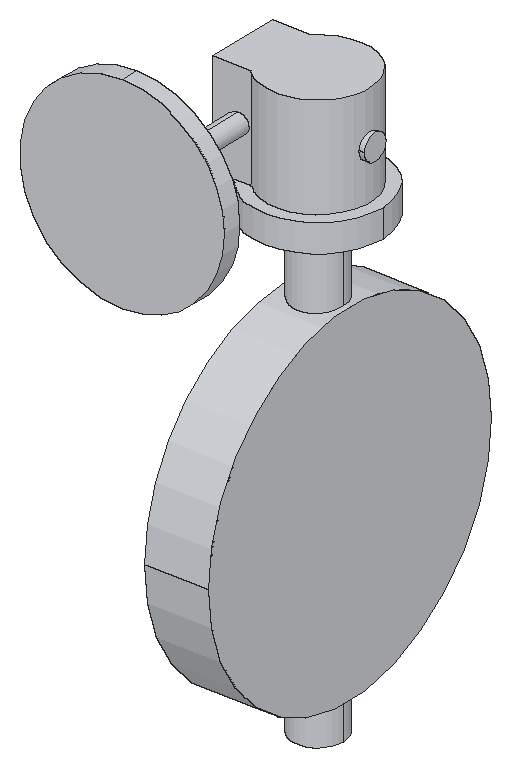
Revit family "HS497-67_disk-litina-převodové kolo DN350-RFA_2018", category Pipe Accessories, Revit 2018
Family settings
  Round Connector Dimension = Use Diameter
  Part Type = Valve - Breaks Into
  Work Plane-Based = No
  Always vertical = Yes
  Cut with Voids When Loaded = No
  Shared = No
Parameters (values of type "HS 497-67_DN350_PN10_převodové kolo")
  magiProductId = "a5a01426cb28494ba3afca92f1dace"
  magiProductFamilyId = "53cea81e6f374d17b8841d9c72ad77"
  magiPartTypeId = 305
  isMeasuringValve [instance] = no
  ang2D [instance] = 0.00°
  X11 = 109.255 mm
  X1 = 45.255 mm
  W2D = 1000 mm
  VersionID = "2.0/2017.9.26.1/ZETKAMA_497_001"
  Use Minimum Symbol Size [instance] = yes
  URL = "http://www.hydronic.cz"
  Type Comments = "mezipřírubová; litinový disk; PN10; -10~+110°C (krátkodobě +120°C)"
  SW30 = yes
  SW3 = yes
  SW21 = no
  SW20 = no
  SW2 = no
  SW1 = no
  R = 175 mm
  QmdConnectorList = "301;D;302;D"
  Productdata [instance] = ""
  NC = 70 mm
  Model = ""
  Manufacturer = "Hydronic Systems Prague s.r.o."
  MM20 = 45.255 mm
  MC Product Code = "125 350 (litinový disk, s převodovým kolem; DN350; PN10, kvs10165)"
  M41 = 91.5 mm
  M4 = 61 mm
  LHL = 220 mm
  LHH3 = 2.45 mm
  LHH1 = 46.55 mm
  LH1 = 73.333 mm
  L4R__ve = -L4R  # -22.2 mm
  L4R = 22.2 mm
  L42__ve = -L42  # -166.5 mm
  L42 = 166.5 mm
  L41__ve = -L41  # -33.3 mm
  L41 = 33.3 mm
  L2D_Min = 3048 mm
  L2D = 216 mm
  L2 = 39 mm
  L1 = 62.4 mm
  L = 78 mm
  H = 31 mm
  G22 = 11.25 mm
  G2 = 22.5 mm
  G1 = 90 mm
  G = 160 mm
  F = 22 mm
  E44 = 62.5 mm
  E42 = 125 mm
  E4 = 250 mm
  E23 = 4.9 mm
  E22 = 19.6 mm
  E21 = 9.8 mm
  Description = "Mezipřírubová uzavírací klapka s převodovým kolem; litinový disk, DN350; PN10; kvs10165"
  DR2 = 175 mm
  DR = 430 mm
  DD1 = 31.25 mm
  DD = 25 mm
  D = 350 mm
  CAT0 = yes
  B2__ve = -B2  # -88 mm
  B2 = 88 mm
  A2 = 33.85 mm
  A1 = 129.65 mm
Types (43, lengths in mm): name | magiProductId | X11 | X1 | Type Comments | SW30 | SW3 | SW20 | SW2 | SW1 | R | NC | MM20 | MC Product Code | M41 | M4 | LHL | LHH3 | LHH1 | LH1 | L4R__ve | L4R | L42__ve | L42 | L41__ve | L41 | L2 | L1 | L | H | G | F | E44 | E42 | E4 | E23 | E22 | E21 | Description | DR2 | DR | DD1 | DD | D | B2__ve | B2 | A2 | A1
  HS 497-67_DN100_PN16_volné vřeteno | "65d1b245f4f142c78569c0602d5754" | 61.456 | 25.456 | "mezipřírubová; litinový disk; PN16; -10~+110°C (krátkodobě +120°C)" | no | no | no | no | yes | 50 | 50 | 25.456 | "123 100 (litinový disk, s volným vřetenem; DN100; PN16, kvs512)" | 66 | 44 | 220 | 2.45 | 46.55 | 73.333 | -12.8 | 12.8 | -96 | 96 | -19.2 | 19.2 | 26 | 41.6 | 52 | 30 | 90 | 11 | 31.25 | 62.5 | 125 | 4.9 | 19.6 | 9.8 | "Mezipřírubová uzavírací klapka s volným vřetenem; litinový disk, DN100; PN16; kvs512" | 50 | 147 | 15.625 | 12.5 | 100 | -56 | 56 | 16.5 | 98.5
  HS 497-67_DN100_PN16_převodové kolo | "11e91b807e674d428c8e796fcdcfe2" | 61.456 | 25.456 | "mezipřírubová; litinový disk; PN16; -10~+110°C (krátkodobě +120°C)" | yes | yes | no | no | no | 50 | 50 | 25.456 | "125 100 (litinový disk, s převodovým kolem; DN100; PN16, kvs512)" | 65.25 | 43.5 | 220 | 2.45 | 46.55 | 73.333 | -12.8 | 12.8 | -96 | 96 | -19.2 | 19.2 | 26 | 41.6 | 52 | 30 | 90 | 11 | 31.25 | 62.5 | 125 | 4.9 | 19.6 | 9.8 | "Mezipřírubová uzavírací klapka s převodovým kolem; litinový disk, DN100; PN16; kvs512" | 50 | 147 | 15.625 | 12.5 | 100 | -56 | 56 | 16.5 | 98.5
  HS 497-67_DN100_PN16_s pákou | "28172f0b3f4b47b28323ac71cf8749" | 61.456 | 25.456 | "mezipřírubová; litinový disk; PN16; -10~+110°C (krátkodobě +120°C)" | no | no | yes | yes | no | 50 | 50 | 25.456 | "120 100 (litinový disk, s pákou; DN100; PN16, kvs512)" | 66 | 44 | 260 | 3 | 57 | 86.667 | -12.8 | 12.8 | -96 | 96 | -19.2 | 19.2 | 26 | 41.6 | 52 | 30 | 90 | 11 | 31.25 | 62.5 | 125 | 6 | 24 | 12 | "Mezipřírubová uzavírací klapka s pákou; litinový disk, DN100; PN16; kvs512" | 50 | 147 | 15.625 | 12.5 | 100 | -56 | 56 | 16.5 | 98.5
  HS 497-67_DN125_PN16_volné vřeteno | "0d813d910fc14f628bb3c2efbd185c" | 61.456 | 25.456 | "mezipřírubová; litinový disk; PN16; -10~+110°C (krátkodobě +120°C)" | no | no | no | no | yes | 62.5 | 50 | 25.456 | "123 125 (litinový disk, s volným vřetenem; DN125; PN16, kvs872)" | 66 | 44 | 220 | 2.45 | 46.55 | 73.333 | -12.8 | 12.8 | -96 | 96 | -19.2 | 19.2 | 28 | 44.8 | 56 | 33 | 90 | 14 | 31.25 | 62.5 | 125 | 4.9 | 19.6 | 9.8 | "Mezipřírubová uzavírací klapka s volným vřetenem; litinový disk, DN125; PN16; kvs872" | 62.5 | 180 | 15.625 | 12.5 | 125 | -64 | 64 | 18 | 99.5
  HS 497-67_DN125_PN16_převodové kolo | "c56b7c13f372467684996fb1e0e229" | 61.456 | 25.456 | "mezipřírubová; litinový disk; PN16; -10~+110°C (krátkodobě +120°C)" | yes | yes | no | no | no | 62.5 | 50 | 25.456 | "125 125 (litinový disk, s převodovým kolem; DN125; PN16, kvs872)" | 65.25 | 43.5 | 220 | 2.45 | 46.55 | 73.333 | -13.5 | 13.5 | -101.25 | 101.25 | -20.25 | 20.25 | 28 | 44.8 | 56 | 33 | 90 | 14 | 40 | 80 | 160 | 4.9 | 19.6 | 9.8 | "Mezipřírubová uzavírací klapka s převodovým kolem; litinový disk, DN125; PN16; kvs872" | 62.5 | 180 | 20 | 16 | 125 | -64 | 64 | 18 | 99.5
  HS 497-67_DN125_PN16_s pákou | "105993c79a91492399feef7931321a" | 61.456 | 25.456 | "mezipřírubová; litinový disk; PN16; -10~+110°C (krátkodobě +120°C)" | no | no | yes | yes | no | 62.5 | 50 | 25.456 | "120 125 (litinový disk, s pákou; DN125; PN16, kvs872)" | 66 | 44 | 315 | 3.75 | 71.25 | 105 | -12.8 | 12.8 | -96 | 96 | -19.2 | 19.2 | 28 | 44.8 | 56 | 33 | 90 | 14 | 31.25 | 62.5 | 125 | 7.5 | 30 | 15 | "Mezipřírubová uzavírací klapka s pákou; litinový disk, DN125; PN16; kvs872" | 62.5 | 180 | 15.625 | 12.5 | 125 | -64 | 64 | 18 | 99.5
  HS 497-67_DN150_PN16_volné vřeteno | "50c80cb8ab434f55ab7796e5ac1331" | 61.456 | 25.456 | "mezipřírubová; litinový disk; PN16; -10~+110°C (krátkodobě +120°C)" | no | no | no | no | yes | 75 | 50 | 25.456 | "123 150 (litinový disk, s volným vřetenem; DN150; PN16, kvs1347)" | 66 | 44 | 220 | 2.45 | 46.55 | 73.333 | -12.8 | 12.8 | -96 | 96 | -19.2 | 19.2 | 28 | 44.8 | 56 | 33 | 90 | 14 | 31.25 | 62.5 | 125 | 4.9 | 19.6 | 9.8 | "Mezipřírubová uzavírací klapka s volným vřetenem; litinový disk, DN150; PN16; kvs1347" | 75 | 206 | 15.625 | 12.5 | 150 | -58 | 58 | 19.3 | 98.7
  HS 497-67_DN150_PN16_převodové kolo | "d94a1a0cf83b476eb10011b327f709" | 61.456 | 25.456 | "mezipřírubová; litinový disk; PN16; -10~+110°C (krátkodobě +120°C)" | yes | yes | no | no | no | 75 | 50 | 25.456 | "125 150 (litinový disk, s převodovým kolem; DN150; PN16, kvs1347)" | 65.25 | 43.5 | 220 | 2.45 | 46.55 | 73.333 | -13.5 | 13.5 | -101.25 | 101.25 | -20.25 | 20.25 | 28 | 44.8 | 56 | 33 | 90 | 14 | 40 | 80 | 160 | 4.9 | 19.6 | 9.8 | "Mezipřírubová uzavírací klapka s převodovým kolem; litinový disk, DN150; PN16; kvs1347" | 75 | 206 | 20 | 16 | 150 | -58 | 58 | 19.3 | 98.7
  HS 497-67_DN150_PN16_s pákou | "4d2835523fe84828bc50ff0a5a0dfb" | 61.456 | 25.456 | "mezipřírubová; litinový disk; PN16; -10~+110°C (krátkodobě +120°C)" | no | no | yes | yes | no | 75 | 50 | 25.456 | "120 150 (litinový disk, s pákou; DN150; PN16, kvs1347)" | 66 | 44 | 315 | 3.75 | 71.25 | 105 | -12.8 | 12.8 | -96 | 96 | -19.2 | 19.2 | 28 | 44.8 | 56 | 33 | 90 | 14 | 31.25 | 62.5 | 125 | 7.5 | 30 | 15 | "Mezipřírubová uzavírací klapka s pákou; litinový disk, DN150; PN16; kvs1347" | 75 | 206 | 15.625 | 12.5 | 150 | -58 | 58 | 19.3 | 98.7
  HS 497-67_DN200_PN16_volné vřeteno | "5b29029eaeba47139ee1055a4b9201" | 61.456 | 25.456 | "mezipřírubová; litinový disk; PN16; -10~+110°C (krátkodobě +120°C)" | no | no | no | no | yes | 100 | 50 | 25.456 | "123 200 (litinový disk, s volným vřetenem; DN200; PN16, kvs2675)" | 66 | 44 | 220 | 2.45 | 46.55 | 73.333 | -12.8 | 12.8 | -96 | 96 | -19.2 | 19.2 | 30 | 48 | 60 | 33 | 90 | 17 | 31.25 | 62.5 | 125 | 4.9 | 19.6 | 9.8 | "Mezipřírubová uzavírací klapka s volným vřetenem; litinový disk, DN200; PN16; kvs2675" | 100 | 257 | 15.625 | 12.5 | 200 | -70 | 70 | 22.5 | 102.5
  HS 497-67_DN200_PN16_převodové kolo | "b2793cc1fcc44cf2a35062cd67c04f" | 61.456 | 25.456 | "mezipřírubová; litinový disk; PN16; -10~+110°C (krátkodobě +120°C)" | yes | yes | no | no | no | 100 | 57 | 25.456 | "125 200 (litinový disk, s převodovým kolem; DN200; PN16, kvs2675)" | 78.75 | 52.5 | 220 | 2.45 | 46.55 | 73.333 | -15.2 | 15.2 | -114 | 114 | -22.8 | 22.8 | 30 | 48 | 60 | 33 | 90 | 17 | 50 | 100 | 200 | 4.9 | 19.6 | 9.8 | "Mezipřírubová uzavírací klapka s převodovým kolem; litinový disk, DN200; PN16; kvs2675" | 100 | 257 | 25 | 20 | 200 | -70 | 70 | 22.5 | 102.5
  HS 497-67_DN200_PN16_s pákou | "f88d96c7af224537a51e72d7d8fffe" | 61.456 | 25.456 | "mezipřírubová; litinový disk; PN16; -10~+110°C (krátkodobě +120°C)" | no | no | yes | yes | no | 100 | 50 | 25.456 | "120 200 (litinový disk, s pákou; DN200; PN16, kvs2675)" | 66 | 44 | 315 | 3.75 | 71.25 | 105 | -12.8 | 12.8 | -96 | 96 | -19.2 | 19.2 | 30 | 48 | 60 | 33 | 90 | 17 | 31.25 | 62.5 | 125 | 7.5 | 30 | 15 | "Mezipřírubová uzavírací klapka s pákou; litinový disk, DN200; PN16; kvs2675" | 100 | 257 | 15.625 | 12.5 | 200 | -70 | 70 | 22.5 | 102.5
  HS 497-67_DN250_PN16_volné vřeteno | "b662e8305ca2402b9c510e66e6aa55" | 88.77 | 36.77 | "mezipřírubová; litinový disk; PN16; -10~+110°C (krátkodobě +120°C)" | no | no | no | no | yes | 125 | 50 | 36.77 | "123 250 (litinový disk, s volným vřetenem; DN250; PN16, kvs4555)" | 66 | 44 | 220 | 2.45 | 46.55 | 73.333 | -12.8 | 12.8 | -96 | 96 | -19.2 | 19.2 | 34 | 54.4 | 68 | 23 | 130 | 22 | 31.25 | 62.5 | 125 | 4.9 | 19.6 | 9.8 | "Mezipřírubová uzavírací klapka s volným vřetenem; litinový disk, DN250; PN16; kvs4555" | 125 | 324 | 15.625 | 12.5 | 250 | -85 | 85 | 28.25 | 129.25
  HS 497-67_DN250_PN16_převodové kolo | "5ee9016806664ddfaa2632711f295c" | 88.77 | 36.77 | "mezipřírubová; litinový disk; PN16; -10~+110°C (krátkodobě +120°C)" | yes | yes | no | no | no | 125 | 70 | 36.77 | "125 250 (litinový disk, s převodovým kolem; DN250; PN16, kvs4555)" | 91.5 | 61 | 220 | 2.45 | 46.55 | 73.333 | -22.2 | 22.2 | -166.5 | 166.5 | -33.3 | 33.3 | 34 | 54.4 | 68 | 23 | 130 | 22 | 62.5 | 125 | 250 | 4.9 | 19.6 | 9.8 | "Mezipřírubová uzavírací klapka s převodovým kolem; litinový disk, DN250; PN16; kvs4555" | 125 | 324 | 31.25 | 25 | 250 | -85 | 85 | 28.25 | 129.25
  HS 497-67_DN300_PN16_volné vřeteno | "e1886f51ff004380a649519258edf2" | 88.77 | 36.77 | "mezipřírubová; litinový disk; PN16; -10~+110°C (krátkodobě +120°C)" | no | no | no | no | yes | 150 | 50 | 36.77 | "123 300 (litinový disk, s volným vřetenem; DN300; PN16, kvs7037)" | 66 | 44 | 220 | 2.45 | 46.55 | 73.333 | -12.8 | 12.8 | -96 | 96 | -19.2 | 19.2 | 39 | 62.4 | 78 | 23 | 130 | 22 | 31.25 | 62.5 | 125 | 4.9 | 19.6 | 9.8 | "Mezipřírubová uzavírací klapka s volným vřetenem; litinový disk, DN300; PN16; kvs7037" | 150 | 376 | 15.625 | 12.5 | 300 | -90 | 90 | 30.8 | 127.2
  HS 497-67_DN300_PN16_převodové kolo | "6860f094f77d42088fbebc3c97f755" | 88.77 | 36.77 | "mezipřírubová; litinový disk; PN16; -10~+110°C (krátkodobě +120°C)" | yes | yes | no | no | no | 150 | 70 | 36.77 | "125 300 (litinový disk, s převodovým kolem; DN300; PN16, kvs7037)" | 91.5 | 61 | 220 | 2.45 | 46.55 | 73.333 | -22.2 | 22.2 | -166.5 | 166.5 | -33.3 | 33.3 | 39 | 62.4 | 78 | 23 | 130 | 22 | 62.5 | 125 | 250 | 4.9 | 19.6 | 9.8 | "Mezipřírubová uzavírací klapka s převodovým kolem; litinový disk, DN300; PN16; kvs7037" | 150 | 376 | 31.25 | 25 | 300 | -90 | 90 | 30.8 | 127.2
  HS 497-67_DN032_PN16_volné vřeteno | "8c5f65de52aa4067a77564107e31b2" | 61.456 | 25.456 | "mezipřírubová; litinový disk; PN16; -10~+110°C (krátkodobě +120°C)" | no | no | no | no | yes | 16 | 50 | 25.456 | "123 032 (litinový disk, s volným vřetenem; DN32; PN16, kvs78)" | 66 | 44 | 220 | 2.45 | 46.55 | 73.333 | -12.8 | 12.8 | -96 | 96 | -19.2 | 19.2 | 16.5 | 26.4 | 33 | 30 | 90 | 11 | 31.25 | 62.5 | 125 | 4.9 | 19.6 | 9.8 | "Mezipřírubová uzavírací klapka s volným vřetenem; litinový disk, DN32; PN16; kvs78" | 16 | 68 | 15.625 | 12.5 | 32 | -44.2 | 44.2 | 10.25 | 76.25
  HS 497-67_DN032_PN16_převodové kolo | "60aaeffa8b3a4e809ef000e4660060" | 61.456 | 25.456 | "mezipřírubová; litinový disk; PN16; -10~+110°C (krátkodobě +120°C)" | yes | yes | no | no | no | 16 | 50 | 25.456 | "125 032 (litinový disk, s převodovým kolem; DN32; PN16, kvs78)" | 65.25 | 43.5 | 220 | 2.45 | 46.55 | 73.333 | -12.8 | 12.8 | -96 | 96 | -19.2 | 19.2 | 16.5 | 26.4 | 33 | 30 | 90 | 11 | 31.25 | 62.5 | 125 | 4.9 | 19.6 | 9.8 | "Mezipřírubová uzavírací klapka s převodovým kolem; litinový disk, DN32; PN16; kvs78" | 16 | 68 | 15.625 | 12.5 | 32 | -44.2 | 44.2 | 10.25 | 76.25
  HS 497-67_DN032_PN16_s pákou | "9ad8088d610749a1b871aa2aad8007" | 61.456 | 25.456 | "mezipřírubová; litinový disk; PN16; -10~+110°C (krátkodobě +120°C)" | no | no | yes | yes | no | 16 | 50 | 25.456 | "120 032 (litinový disk, s pákou; DN32; PN16, kvs78)" | 66 | 44 | 220 | 2.45 | 46.55 | 73.333 | -12.8 | 12.8 | -96 | 96 | -19.2 | 19.2 | 16.5 | 26.4 | 33 | 30 | 90 | 11 | 31.25 | 62.5 | 125 | 4.9 | 19.6 | 9.8 | "Mezipřírubová uzavírací klapka s pákou; litinový disk, DN32; PN16; kvs78" | 16 | 68 | 15.625 | 12.5 | 32 | -44.2 | 44.2 | 10.25 | 76.25
  HS 497-67_DN350_PN10_volné vřeteno | "72a1e05f22944421b7e9596a877137" | 109.255 | 45.255 | "mezipřírubová; litinový disk; PN10; -10~+110°C (krátkodobě +120°C)" | no | no | no | no | yes | 175 | 50 | 45.255 | "123 350 (litinový disk, s volným vřetenem; DN350; PN10, kvs10165)" | 66 | 44 | 220 | 2.45 | 46.55 | 73.333 | -12.8 | 12.8 | -96 | 96 | -19.2 | 19.2 | 39 | 62.4 | 78 | 31 | 160 | 22 | 31.25 | 62.5 | 125 | 4.9 | 19.6 | 9.8 | "Mezipřírubová uzavírací klapka s volným vřetenem; litinový disk, DN350; PN10; kvs10165" | 175 | 430 | 15.625 | 12.5 | 350 | -88 | 88 | 33.85 | 129.65
  HS 497-67_DN350_PN10_převodové kolo | "a5a01426cb28494ba3afca92f1dace" | 109.255 | 45.255 | "mezipřírubová; litinový disk; PN10; -10~+110°C (krátkodobě +120°C)" | yes | yes | no | no | no | 175 | 70 | 45.255 | "125 350 (litinový disk, s převodovým kolem; DN350; PN10, kvs10165)" | 91.5 | 61 | 220 | 2.45 | 46.55 | 73.333 | -22.2 | 22.2 | -166.5 | 166.5 | -33.3 | 33.3 | 39 | 62.4 | 78 | 31 | 160 | 22 | 62.5 | 125 | 250 | 4.9 | 19.6 | 9.8 | "Mezipřírubová uzavírací klapka s převodovým kolem; litinový disk, DN350; PN10; kvs10165" | 175 | 430 | 31.25 | 25 | 350 | -88 | 88 | 33.85 | 129.65
  HS 497-67_DN400_PN10_volné vřeteno | "c70ebeb927c04ab99b176e257ad0a7" | 109.255 | 45.255 | "mezipřírubová; litinový disk; PN10; -10~+110°C (krátkodobě +120°C)" | no | no | no | no | yes | 200 | 50 | 45.255 | "123 400 (litinový disk, s volným vřetenem; DN400; PN10, kvs13799)" | 66 | 44 | 220 | 2.45 | 46.55 | 73.333 | -12.8 | 12.8 | -96 | 96 | -19.2 | 19.2 | 51 | 81.6 | 102 | 31 | 160 | 27 | 31.25 | 62.5 | 125 | 4.9 | 19.6 | 9.8 | "Mezipřírubová uzavírací klapka s volným vřetenem; litinový disk, DN400; PN10; kvs13799" | 200 | 485 | 15.625 | 12.5 | 400 | -108 | 108 | 38 | 142
  HS 497-67_DN400_PN10_převodové kolo | "cc64a4384dcb41b780d81810f4f293" | 109.255 | 45.255 | "mezipřírubová; litinový disk; PN10; -10~+110°C (krátkodobě +120°C)" | yes | yes | no | no | no | 200 | 72.5 | 45.255 | "125 400 (litinový disk, s převodovým kolem; DN400; PN10, kvs13799)" | 103.5 | 69 | 220 | 2.45 | 46.55 | 73.333 | -27.8 | 27.8 | -208.5 | 208.5 | -41.7 | 41.7 | 51 | 81.6 | 102 | 31 | 160 | 27 | 75 | 150 | 300 | 4.9 | 19.6 | 9.8 | "Mezipřírubová uzavírací klapka s převodovým kolem; litinový disk, DN400; PN10; kvs13799" | 200 | 485 | 37.5 | 30 | 400 | -108 | 108 | 38 | 142
  HS 497-67_DN040_PN16_volné vřeteno | "35f92312390745e88df5b5c325d9ee" | 61.456 | 25.456 | "mezipřírubová; litinový disk; PN16; -10~+110°C (krátkodobě +120°C)" | no | no | no | no | yes | 20 | 50 | 25.456 | "123 040 (litinový disk, s volným vřetenem; DN40; PN16, kvs78)" | 66 | 44 | 220 | 2.45 | 46.55 | 73.333 | -12.8 | 12.8 | -96 | 96 | -19.2 | 19.2 | 16.5 | 26.4 | 33 | 30 | 90 | 11 | 31.25 | 62.5 | 125 | 4.9 | 19.6 | 9.8 | "Mezipřírubová uzavírací klapka s volným vřetenem; litinový disk, DN40; PN16; kvs78" | 20 | 76 | 15.625 | 12.5 | 40 | -36 | 36 | 11 | 79
  HS 497-67_DN040_PN16_převodové kolo | "d88e968eae3445bc9b7b4e6ff35127" | 61.456 | 25.456 | "mezipřírubová; litinový disk; PN16; -10~+110°C (krátkodobě +120°C)" | yes | yes | no | no | no | 20 | 50 | 25.456 | "125 040 (litinový disk, s převodovým kolem; DN40; PN16, kvs78)" | 65.25 | 43.5 | 220 | 2.45 | 46.55 | 73.333 | -12.8 | 12.8 | -96 | 96 | -19.2 | 19.2 | 16.5 | 26.4 | 33 | 30 | 90 | 11 | 31.25 | 62.5 | 125 | 4.9 | 19.6 | 9.8 | "Mezipřírubová uzavírací klapka s převodovým kolem; litinový disk, DN40; PN16; kvs78" | 20 | 76 | 15.625 | 12.5 | 40 | -36 | 36 | 11 | 79
  HS 497-67_DN040_PN16_s pákou | "c1b522ca65b4407a98818f232eaacb" | 61.456 | 25.456 | "mezipřírubová; litinový disk; PN16; -10~+110°C (krátkodobě +120°C)" | no | no | yes | yes | no | 20 | 50 | 25.456 | "120 040 (litinový disk, s pákou; DN40; PN16, kvs78)" | 66 | 44 | 220 | 2.45 | 46.55 | 73.333 | -12.8 | 12.8 | -96 | 96 | -19.2 | 19.2 | 16.5 | 26.4 | 33 | 30 | 90 | 11 | 31.25 | 62.5 | 125 | 4.9 | 19.6 | 9.8 | "Mezipřírubová uzavírací klapka s pákou; litinový disk, DN40; PN16; kvs78" | 20 | 76 | 15.625 | 12.5 | 40 | -36 | 36 | 11 | 79
  HS 497-67_DN450_PN10_volné vřeteno | "a8358bc282f14872b3194e530e590a" | 129.74 | 53.74 | "mezipřírubová; litinový disk; PN10; -10~+110°C (krátkodobě +120°C)" | no | no | no | no | yes | 225 | 50 | 53.74 | "123 450 (litinový disk, s volným vřetenem; DN450; PN10, kvs18514)" | 66 | 44 | 220 | 2.45 | 46.55 | 73.333 | -12.8 | 12.8 | -96 | 96 | -19.2 | 19.2 | 57 | 91.2 | 114 | 38 | 190 | 36 | 31.25 | 62.5 | 125 | 4.9 | 19.6 | 9.8 | "Mezipřírubová uzavírací klapka s volným vřetenem; litinový disk, DN450; PN10; kvs18514" | 225 | 536 | 15.625 | 12.5 | 450 | -115 | 115 | 38.05 | 117.45
  HS 497-67_DN450_PN10_převodové kolo | "cdf2d80f54a9414f9cbe50647c0ebd" | 129.74 | 53.74 | "mezipřírubová; litinový disk; PN10; -10~+110°C (krátkodobě +120°C)" | yes | yes | no | no | no | 225 | 91.5 | 53.74 | "125 450 (litinový disk, s převodovým kolem; DN450; PN10, kvs18514)" | 144.75 | 96.5 | 220 | 2.45 | 46.55 | 73.333 | -32.1 | 32.1 | -240.75 | 240.75 | -48.15 | 48.15 | 57 | 91.2 | 114 | 38 | 190 | 36 | 100 | 200 | 400 | 4.9 | 19.6 | 9.8 | "Mezipřírubová uzavírací klapka s převodovým kolem; litinový disk, DN450; PN10; kvs18514" | 225 | 536 | 50 | 40 | 450 | -115 | 115 | 38.05 | 117.45
  HS 497-67_DN500_PN10_volné vřeteno | "8c396e27bb2743f98f3c762b6517cd" | 143.397 | 59.397 | "mezipřírubová; litinový disk; PN10; -10~+110°C (krátkodobě +120°C)" | no | no | no | no | yes | 250 | 50 | 59.397 | "123 500 (litinový disk, s volným vřetenem; DN500; PN10, kvs23805)" | 66 | 44 | 220 | 2.45 | 46.55 | 73.333 | -12.8 | 12.8 | -96 | 96 | -19.2 | 19.2 | 63.5 | 101.6 | 127 | 38 | 210 | 36 | 31.25 | 62.5 | 125 | 4.9 | 19.6 | 9.8 | "Mezipřírubová uzavírací klapka s volným vřetenem; litinový disk, DN500; PN10; kvs23805" | 250 | 593 | 15.625 | 12.5 | 500 | -130 | 130 | 43.25 | 139.25
  HS 497-67_DN500_PN10_převodové kolo | "7647804f32e94cef828a7034a91a46" | 143.397 | 59.397 | "mezipřírubová; litinový disk; PN10; -10~+110°C (krátkodobě +120°C)" | yes | yes | no | no | no | 250 | 91.5 | 59.397 | "125 500 (litinový disk, s převodovým kolem; DN500; PN10, kvs23805)" | 144.75 | 96.5 | 220 | 2.45 | 46.55 | 73.333 | -32.1 | 32.1 | -240.75 | 240.75 | -48.15 | 48.15 | 63.5 | 101.6 | 127 | 38 | 210 | 36 | 100 | 200 | 400 | 4.9 | 19.6 | 9.8 | "Mezipřírubová uzavírací klapka s převodovým kolem; litinový disk, DN500; PN10; kvs23805" | 250 | 593 | 50 | 40 | 500 | -130 | 130 | 43.25 | 139.25
  HS 497-67_DN050_volné vřeteno | "d71f296ecd6d4adf8f6e5d9853b4e0" | 61.456 | 25.456 | "mezipřírubová; litinový disk; PN16; -10~+110°C (krátkodobě +120°C)" | no | no | no | no | yes | 25 | 50 | 25.456 | "123 050 (litinový disk, s volným vřetenem; DN50; PN16, kvs98)" | 66 | 44 | 220 | 2.45 | 46.55 | 73.333 | -12.8 | 12.8 | -96 | 96 | -19.2 | 19.2 | 21.5 | 34.4 | 43 | 30 | 90 | 11 | 31.25 | 62.5 | 125 | 4.9 | 19.6 | 9.8 | "Mezipřírubová uzavírací klapka s volným vřetenem; litinový disk, DN50; PN16; kvs98" | 25 | 100 | 15.625 | 12.5 | 50 | -36.5 | 36.5 | 12 | 83
  HS 497-67_DN050_PN16_převodové kolo | "2fb080deeaed49c58418b94c1da5a4" | 61.456 | 25.456 | "mezipřírubová; litinový disk; PN16; -10~+110°C (krátkodobě +120°C)" | yes | yes | no | no | no | 25 | 50 | 25.456 | "125 050 (litinový disk, s převodovým kolem; DN50; PN16, kvs98)" | 65.25 | 43.5 | 220 | 2.45 | 46.55 | 73.333 | -12.8 | 12.8 | -96 | 96 | -19.2 | 19.2 | 21.5 | 34.4 | 43 | 30 | 90 | 11 | 31.25 | 62.5 | 125 | 4.9 | 19.6 | 9.8 | "Mezipřírubová uzavírací klapka s převodovým kolem; litinový disk, DN50; PN16; kvs98" | 25 | 100 | 15.625 | 12.5 | 50 | -36.5 | 36.5 | 12 | 83
  HS 497-67_DN050_PN16_s pákou | "dabc632061f94877a994b9b4e68112" | 61.456 | 25.456 | "mezipřírubová; litinový disk; PN16; -10~+110°C (krátkodobě +120°C)" | no | no | yes | yes | no | 25 | 50 | 25.456 | "120 050 (litinový disk, s pákou; DN50; PN16, kvs98)" | 66 | 44 | 220 | 2.45 | 46.55 | 73.333 | -12.8 | 12.8 | -96 | 96 | -19.2 | 19.2 | 21.5 | 34.4 | 43 | 30 | 90 | 11 | 31.25 | 62.5 | 125 | 4.9 | 19.6 | 9.8 | "Mezipřírubová uzavírací klapka s pákou; litinový disk, DN50; PN16; kvs98" | 25 | 100 | 15.625 | 12.5 | 50 | -36.5 | 36.5 | 12 | 83
  HS 497-67_DN600_PN10_volné vřeteno | "99d5892c14664fce81a7c5903f7711" | 143.397 | 59.397 | "mezipřírubová; litinový disk; PN10; -10~+110°C (krátkodobě +120°C)" | no | no | no | no | yes | 300 | 50 | 59.397 | "123 600 (litinový disk, s volným vřetenem; DN600; PN10, kvs36778)" | 66 | 44 | 220 | 2.45 | 46.55 | 73.333 | -12.8 | 12.8 | -96 | 96 | -19.2 | 19.2 | 77 | 123.2 | 154 | 80 | 210 | 60 | 31.25 | 62.5 | 125 | 4.9 | 19.6 | 9.8 | "Mezipřírubová uzavírací klapka s volným vřetenem; litinový disk, DN600; PN10; kvs36788" | 300 | 690 | 15.625 | 12.5 | 600 | -140 | 140 | 49.4 | 144.6
  HS 497-67_DN600_PN10_převodové kolo | "b1e26faab48a4c499f6bb11e7e3002" | 143.397 | 59.397 | "mezipřírubová; litinový disk; PN10; -10~+110°C (krátkodobě +120°C)" | yes | yes | no | no | no | 300 | 140 | 59.397 | "125 600 (litinový disk, s převodovým kolem; DN600; PN10, kvs36778)" | 206.25 | 137.5 | 220 | 2.45 | 46.55 | 73.333 | -40.8 | 40.8 | -306 | 306 | -61.2 | 61.2 | 77 | 123.2 | 154 | 80 | 210 | 60 | 125 | 250 | 500 | 4.9 | 19.6 | 9.8 | "Mezipřírubová uzavírací klapka s převodovým kolem; litinový disk, DN600; PN10; kvs36788" | 300 | 690 | 62.5 | 50 | 600 | -140 | 140 | 49.4 | 144.6
  HS 497-67_DN065_PN16_volné vřeteno | "5e5e208646e34ec29f889baab5d08e" | 61.456 | 25.456 | "mezipřírubová; litinový disk; PN16; -10~+110°C (krátkodobě +120°C)" | no | no | no | no | yes | 32.5 | 50 | 25.456 | "123 065 (litinový disk, s volným vřetenem; DN65; PN16, kvs167)" | 66 | 44 | 220 | 2.45 | 46.55 | 73.333 | -12.8 | 12.8 | -96 | 96 | -19.2 | 19.2 | 23 | 36.8 | 46 | 30 | 90 | 11 | 31.25 | 62.5 | 125 | 4.9 | 19.6 | 9.8 | "Mezipřírubová uzavírací klapka s volným vřetenem; litinový disk, DN65; PN16; kv167" | 32.5 | 108 | 15.625 | 12.5 | 65 | -36.5 | 36.5 | 13.5 | 89
  HS 497-67_DN065_PN16_převodové kolo | "654d74c8d15540b0bfe523d988ccb3" | 61.456 | 25.456 | "mezipřírubová; litinový disk; PN16; -10~+110°C (krátkodobě +120°C)" | yes | yes | no | no | no | 32.5 | 50 | 25.456 | "125 065 (litinový disk, s převodovým kolem; DN65; PN16, kvs167)" | 65.25 | 43.5 | 220 | 2.45 | 46.55 | 73.333 | -12.8 | 12.8 | -96 | 96 | -19.2 | 19.2 | 23 | 36.8 | 46 | 30 | 90 | 11 | 31.25 | 62.5 | 125 | 4.9 | 19.6 | 9.8 | "Mezipřírubová uzavírací klapka s převodovým kolem; litinový disk, DN65; PN16; kvs167" | 32.5 | 108 | 15.625 | 12.5 | 65 | -36.5 | 36.5 | 13.5 | 89
  HS 497-67_DN065_PN16_s pákou | "ebeb4b59db0641caaf6d6635ab37b9" | 61.456 | 25.456 | "mezipřírubová; litinový disk; PN16; -10~+110°C (krátkodobě +120°C)" | no | no | yes | yes | no | 32.5 | 50 | 25.456 | "120 065 (litinový disk, s pákou; DN65; PN16, kvs167)" | 66 | 44 | 220 | 2.45 | 46.55 | 73.333 | -12.8 | 12.8 | -96 | 96 | -19.2 | 19.2 | 23 | 36.8 | 46 | 30 | 90 | 11 | 31.25 | 62.5 | 125 | 4.9 | 19.6 | 9.8 | "Mezipřírubová uzavírací klapka s pákou; litinový disk, DN65; PN16; kvs167" | 32.5 | 108 | 15.625 | 12.5 | 65 | -36.5 | 36.5 | 13.5 | 89
  HS 497-67_DN080_PN16_volné vřeteno | "9e85c75c18654e1185a9c48ed6b00e" | 61.456 | 25.456 | "mezipřírubová; litinový disk; PN16; -10~+110°C (krátkodobě +120°C)" | no | no | no | no | yes | 40 | 50 | 25.456 | "123 080 (litinový disk, s volným vřetenem; DN80; PN16, kvs258)" | 66 | 44 | 220 | 2.45 | 46.55 | 73.333 | -12.8 | 12.8 | -96 | 96 | -19.2 | 19.2 | 23 | 36.8 | 46 | 30 | 90 | 11 | 31.25 | 62.5 | 125 | 4.9 | 19.6 | 9.8 | "Mezipřírubová uzavírací klapka s volným vřetenem; litinový disk, DN80; PN16; kvs258" | 40 | 124 | 15.625 | 12.5 | 80 | -54 | 54 | 14.1 | 86.9
  HS 497-67_DN080_PN16_převodové kolo | "5b3c8238c3d041e68c75b199e7ea46" | 61.456 | 25.456 | "mezipřírubová; litinový disk; PN16; -10~+110°C (krátkodobě +120°C)" | yes | yes | no | no | no | 40 | 50 | 25.456 | "125 080 (litinový disk, s převodovým kolem; DN80; PN16, kvs258)" | 65.25 | 43.5 | 220 | 2.45 | 46.55 | 73.333 | -12.8 | 12.8 | -96 | 96 | -19.2 | 19.2 | 23 | 36.8 | 46 | 30 | 90 | 11 | 31.25 | 62.5 | 125 | 4.9 | 19.6 | 9.8 | "Mezipřírubová uzavírací klapka s převodovým kolem; litinový disk, DN80; PN16; kvs258" | 40 | 124 | 15.625 | 12.5 | 80 | -54 | 54 | 14.1 | 86.9
  HS 497-67_DN080_PN16_s pákou | "e414795fab0f4eccb99bc3572c5477" | 61.456 | 25.456 | "mezipřírubová; litinový disk; PN16; -10~+110°C (krátkodobě +120°C)" | no | no | yes | yes | no | 40 | 50 | 25.456 | "120 080 (litinový disk, s pákou; DN80; PN16, kvs258)" | 66 | 44 | 260 | 3 | 57 | 86.667 | -12.8 | 12.8 | -96 | 96 | -19.2 | 19.2 | 23 | 36.8 | 46 | 30 | 90 | 11 | 31.25 | 62.5 | 125 | 6 | 24 | 12 | "Mezipřírubová uzavírací klapka s pákou; litinový disk, DN80; PN16; kvs258" | 40 | 124 | 15.625 | 12.5 | 80 | -54 | 54 | 14.1 | 86.9
  HS 497-67_DN250_PN16_s pákou | "" | 88.77 | 36.77 | "mezipřírubová; litinový disk; PN16; -10~+110°C (krátkodobě +120°C)" | no | no | yes | yes | no | 125 | 70 | 36.77 | "120 250 (litinový disk, s pákou; DN250; PN16, kvs4555)" | 91.5 | 61 | 220 | 2.45 | 46.55 | 73.333 | -22.2 | 22.2 | -166.5 | 166.5 | -33.3 | 33.3 | 34 | 54.4 | 68 | 23 | 130 | 22 | 62.5 | 125 | 250 | 4.9 | 19.6 | 9.8 | "Mezipřírubová uzavírací klapka s pákou; litinový disk, DN250; PN16; kvs4555" | 125 | 324 | 31.25 | 25 | 250 | -85 | 85 | 28.25 | 129.25
  HS 497-67_DN300_PN16_s pákou | "" | 88.77 | 36.77 | "mezipřírubová; litinový disk; PN16; -10~+110°C (krátkodobě +120°C)" | no | no | yes | yes | no | 150 | 70 | 36.77 | "120 300 (litinový disk, s pákou; DN300; PN16, kvs7037)" | 91.5 | 61 | 220 | 2.45 | 46.55 | 73.333 | -22.2 | 22.2 | -166.5 | 166.5 | -33.3 | 33.3 | 39 | 62.4 | 78 | 23 | 130 | 22 | 62.5 | 125 | 250 | 4.9 | 19.6 | 9.8 | "Mezipřírubová uzavírací klapka s pákou; litinový disk, DN300; PN16; kvs7037" | 150 | 376 | 31.25 | 25 | 300 | -90 | 90 | 30.8 | 127.2
Reference planes
  plane 1 "Center (Front/Back)": y = 0
  plane 2 "XYPLANE": z = 0
  plane 3 "Center (Left/Right)": x = 0
  plane 4 "473": x = -45.255
  plane 5 "472": x = -91.5
  plane 6 "471": y = -45.255
  plane 7 "470": y = 45.255
  plane 8 "469": x = -61
  plane 9 "468": y = -199.8
  plane 10 "467": y = -166.5
  plane 11 "466": z = 401
  plane 12 "465": z = 385.05
  plane 13 "464": y = 145.417
  plane 14 "463": z = 375.25
  plane 15 "462": z = 358.1
  plane 16 "461": z = 367.9
  plane 17 "460": y = 72.083
  plane 18 "459": x = -11.25
  plane 19 "458": x = 11.25
  plane 20 "457": y = -6.25
  plane 21 "456": x = -17.5
  plane 22 "455": x = 17.5
  plane 23 "454": z = 372.8
  plane 24 "453": y = 62.083
  plane 25 "452": y = -11.25
  plane 26 "451": x = -22.5
  plane 27 "450": x = 22.5
  plane 28 "449": z = 353.2
  plane 29 "448": z = 348.3
  plane 30 "447": z = -175
  plane 31 "446": z = 338.5
  plane 32 "445": z = 304.65
  plane 33 "444": z = 175
  plane 34 "443": x = 39
  plane 35 "442": x = -39
  plane 36 "441": z = 0
  plane 37 "440": y = 0
  plane 38 "439": x = 0
  plane 39 "438": z = 387.5
  plane 40 "437": z = 372.8
  plane 41 "436": x = 13.7
  plane 42 "435": x = -13.7
  plane 43 "434": y = 220
Forms (mm)
  Extrusion 1, solid, visible <- "SW3"
    sketch origin (-750, 0, 338.5) x (1, 0, 0) y (0, 1, 0)
      loop
        line (658.5, 45.255) -> (658.5, -45.255) -> (704.745, -45.255)
        arc (704.745, -45.255) -> (814, 0) -> (704.745, 45.255) r 64
        line (704.745, 45.255) -> (658.5, 45.255)
    from 0 to 125 <- "E42"
  Extrusion 2, solid, visible <- "SW30"
    sketch origin (0, -750, 0) x (0, 1, 0) y (0, 0, 1)
      loop
        circle (750, 401) r 15.625
    from 0 to 70 <- "NC"
  Extrusion 3, solid, visible <- "SW30"
    sketch origin (750, -199.8, 0) x (-1, 0, 0) y (0, 0, 1)
      loop
        circle (811, 401) r 125
    from 0 to -22.2 <- "L4R__ve"
  Extrusion 4, solid, visible <- "SW3"
    sketch origin (750, -166.5, 0) x (-1, 0, 0) y (0, 0, 1)
      loop
        circle (811, 401) r 15.625
    from 0 to -33.3 <- "L41__ve"
  Extrusion 5, solid, visible <- "SW30"
    sketch origin (750, 0, 0) x (-1, 0, 0) y (0, 0, 1)
      loop
        circle (811, 401) r 12.5
    from 0 to -166.5 <- "L42__ve"
  Blend 6, solid, visible <- "SW21"
    base sketch origin (750, 72.083, 0) x (-1, 0, 0) y (0, 0, 1)
      loop
        line (761.25, 367.9) -> (738.75, 367.9) -> (738.75, 358.1) -> (761.25, 358.1) -> (761.25, 367.9)
    top sketch origin (750, 72.083, 0) x (-1, 0, 0) y (0, 0, 1)
      loop
        line (761.25, 385.05) -> (738.75, 385.05) -> (738.75, 375.25) -> (761.25, 375.25) -> (761.25, 385.05)
    from 0 to 73.333
  Blend 7, solid, visible <- "SW21"
    base sketch origin (750, 62.083, 0) x (-1, 0, 0) y (0, 0, 1)
      loop
        line (761.25, 372.8) -> (738.75, 372.8) -> (738.75, 353.2) -> (761.25, 353.2) -> (761.25, 372.8)
    top sketch origin (750, 62.083, 0) x (-1, 0, 0) y (0, 0, 1)
      loop
        line (761.25, 367.9) -> (738.75, 367.9) -> (738.75, 358.1) -> (761.25, 358.1) -> (761.25, 367.9)
    from 0 to 10
  Blend 8, solid, visible <- "SW21"
    base sketch origin (-750, 0, 353.2) x (1, 0, 0) y (0, 1, 0)
      loop
        line (772.5, 62.083) -> (727.5, 62.083) -> (727.5, -11.25)
        arc (727.5, -11.25) -> (750, -31.25) -> (772.5, -11.25) r 22.656
        line (772.5, -11.25) -> (772.5, 62.083)
    top sketch origin (-750, 0, 353.2) x (1, 0, 0) y (0, 1, 0)
      loop
        line (767.5, 62.083) -> (732.5, 62.083) -> (732.5, -6.25)
        arc (732.5, -6.25) -> (750, -26.25) -> (767.5, -6.25) r 17.656
        line (767.5, -6.25) -> (767.5, 62.083)
    from 0 to 19.6
  Extrusion 9, solid, visible <- "SW2"
    sketch origin (-750, 0, 348.3) x (1, 0, 0) y (0, 1, 0)
      loop
        circle (750, 0) r 11.25
    from 0 to 4.9 <- "E23"
  Extrusion 10, solid, visible <- "SW2"
    sketch origin (-750, 0, 338.5) x (1, 0, 0) y (0, 1, 0)
      loop
        circle (750, 0) r 45
    from 0 to 9.8 <- "E21"
  Extrusion 11, solid, visible <- "CAT0"
    sketch origin (-750, 0, -175) x (1, 0, 0) y (0, 1, 0)
      loop
        circle (750, 0) r 31.2
    from 0 to -88 <- "B2__ve"
  Extrusion 12, solid, visible <- "CAT0"
    sketch origin (-750, 0, 304.65) x (1, 0, 0) y (0, 1, 0)
      loop
        circle (750, 0) r 80
    from 0 to 33.85 <- "A2"
  Extrusion 13, solid, visible <- "CAT0"
    sketch origin (-750, 0, 175) x (1, 0, 0) y (0, 1, 0)
      loop
        circle (750, 0) r 31.2
    from 0 to 129.65 <- "A1"
  Extrusion 14, solid, visible <- "CAT0"
    sketch origin (-39, -750, 0) x (0, 1, 0) y (0, 0, 1)
      loop
        circle (750, 0) r 215
    from 0 to 78 <- "L"
  Extrusion 15, solid, visible <- "SW1"
    sketch origin (-750, 0, 338.5) x (1, 0, 0) y (0, 1, 0)
      loop
        line (761, 11) -> (739, 11) -> (739, -11) -> (761, -11) -> (761, 11)
    from 0 to 31 <- "H"
  Blend 16, solid, visible <- "SW2"
    base sketch origin (750, 145.417, 0) x (-1, 0, 0) y (0, 0, 1)
      loop
        arc (763.7, 382.5) -> (762.236, 386.036) -> (758.7, 387.5) r 5
        line (758.7, 387.5) -> (741.3, 387.5)
        arc (741.3, 387.5) -> (737.764, 386.036) -> (736.3, 382.5) r 5
        line (736.3, 382.5) -> (736.3, 377.8)
        arc (736.3, 377.8) -> (737.764, 374.264) -> (741.3, 372.8) r 5
        line (741.3, 372.8) -> (758.7, 372.8)
        arc (758.7, 372.8) -> (762.236, 374.264) -> (763.7, 377.8) r 5
        line (763.7, 377.8) -> (763.7, 382.5)
    top sketch origin (750, 145.417, 0) x (-1, 0, 0) y (0, 0, 1)
      loop
        arc (763.7, 382.5) -> (762.236, 386.036) -> (758.7, 387.5) r 5
        line (758.7, 387.5) -> (741.3, 387.5)
        arc (741.3, 387.5) -> (737.764, 386.036) -> (736.3, 382.5) r 5
        line (736.3, 382.5) -> (736.3, 377.8)
        arc (736.3, 377.8) -> (737.764, 374.264) -> (741.3, 372.8) r 5
        line (741.3, 372.8) -> (758.7, 372.8)
        arc (758.7, 372.8) -> (762.236, 374.264) -> (763.7, 377.8) r 5
        line (763.7, 377.8) -> (763.7, 382.5)
    from 0 to 74.583
  Blend 17, solid, visible <- "SW20"
    base sketch origin (750, 145.417, 0) x (-1, 0, 0) y (0, 0, 1)
      loop
        line (763.7, 387.5) -> (736.3, 387.5) -> (736.3, 372.8) -> (763.7, 372.8) -> (763.7, 387.5)
    top sketch origin (750, 145.417, 0) x (-1, 0, 0) y (0, 0, 1)
      loop
        line (761.25, 372.8) -> (738.75, 372.8) -> (738.75, 353.2) -> (761.25, 353.2) -> (761.25, 372.8)
    from 0 to -83.333
  Extrusion 18, solid, visible <- "SW20"
    sketch origin (-750, 0, 353.2) x (1, 0, 0) y (0, 1, 0)
      loop
        line (772.5, 62.083) -> (727.5, 62.083) -> (727.5, -11.25)
        arc (727.5, -11.25) -> (750, -31.25) -> (772.5, -11.25) r 22.656
        line (772.5, -11.25) -> (772.5, 62.083)
    from 0 to 19.6 <- "E22"
  Extrusion 19, solid, not visible
    sketch origin (-39, -750, 0) x (0, 1, 0) y (0, 0, 1)
      loop
        circle (750, 0) r 10
    from 0 to 10
  Extrusion 20, solid, not visible
    sketch origin (39, -750, 0) x (0, 1, 0) y (0, 0, 1)
      loop
        circle (750, 0) r 10
    from 0 to -10
Lines and regions (mm)
  reference lines, not visible
    curve 1: circle (2, 2, 0) r 1 normal (0, 0, 1)
  reference lines
    curve 2: line (-45.255, -45.255, 338.5) -> (-45.255, 45.255, 338.5)
    curve 3: line (-17.5, -6.25, 353.2) -> (17.5, -6.25, 353.2)
    curve 4: line (-22.5, -11.25, 353.2) -> (22.5, -11.25, 353.2)
    curve 5: circle (0, 0, 338.5) r 1 normal (0, 0, 1)
    curve 6: line (-22.5, -11.25, 353.2) -> (22.5, -11.25, 353.2)
Dimensions and locks
  plane 1 "Center (Front/Back)" to curve 1 = 2 mm
  "X1": plane 3 "Center (Left/Right)" to plane 4 "473"
  "M41": plane 3 "Center (Left/Right)" to plane 5 "472"
  "MM20": plane 1 "Center (Front/Back)" to plane 6 "471"
  "MM20": plane 1 "Center (Front/Back)" to plane 7 "470"
  "M4": plane 3 "Center (Left/Right)" to plane 8 "469"
  "L41": plane 10 "467" to plane 9 "468"
  "L42": plane 1 "Center (Front/Back)" to plane 10 "467"
  "E44": plane 31 "446" to plane 11 "466"
  "LHH1": plane 31 "446" to plane 12 "465"
  "LH1": plane 17 "460" to plane 13 "464"
  "E21": plane 12 "465" to plane 14 "463"
  "E21": plane 16 "461" to plane 15 "462"
  "E23": plane 23 "454" to plane 16 "461"
  locked: plane 24 "453" to plane 17 "460" at 10
  "G22": plane 3 "Center (Left/Right)" to plane 18 "459"
  "G22": plane 3 "Center (Left/Right)" to plane 19 "458"
  locked: plane 25 "452" to plane 20 "457" at 5
  locked: plane 26 "451" to plane 21 "456" at 5
  locked: plane 27 "450" to plane 22 "455" at 5
  "E22": plane 28 "449" to plane 23 "454"
  "LH1": plane 25 "452" to plane 24 "453"
  "G22": plane 1 "Center (Front/Back)" to plane 25 "452"
  "G2": plane 3 "Center (Left/Right)" to plane 26 "451"
  "G2": plane 3 "Center (Left/Right)" to plane 27 "450"
  "E23": plane 29 "448" to plane 28 "449"
  "E21": plane 31 "446" to plane 29 "448"
  "R": plane 2 "XYPLANE" to plane 30 "447"
  "A2": plane 32 "445" to plane 31 "446"
  "A1": plane 33 "444" to plane 32 "445"
  "DR2": plane 2 "XYPLANE" to plane 33 "444"
  "L2": plane 3 "Center (Left/Right)" to plane 34 "443"
  "L2": plane 3 "Center (Left/Right)" to plane 35 "442"
  locked: plane 2 "XYPLANE" to plane 36 "441"
  locked: plane 1 "Center (Front/Back)" to plane 37 "440"
  locked: plane 3 "Center (Left/Right)" to plane 38 "439"
  "LHH3": plane 12 "465" to plane 39 "438"
  "LHH3": plane 14 "463" to plane 40 "437"
  "LHH3": plane 19 "458" to plane 41 "436"
  "LHH3": plane 18 "459" to plane 42 "435"
  "LHL": plane 1 "Center (Front/Back)" to plane 43 "434"
  "X11": curve 2 to Extrusion 1 sketch curve
  Extrusion 1 sketch curve to Extrusion 1 sketch curve = 0 mm  (x8)
  Blend 6 sketch curve to Blend 6 sketch curve = 0 mm  (x16)
  Blend 7 sketch curve to Blend 7 sketch curve = 0 mm  (x16)
  Blend 8 sketch curve to Blend 8 sketch curve = 0 mm  (x16)
  equal spacing: Extrusion 15 sketch curve, curve 5, Extrusion 15 sketch curve  (x2)
  "F": Extrusion 15 sketch curve to Extrusion 15 sketch curve  (x2)
  Blend 16 sketch curve to Blend 16 sketch curve = 0 mm  (x32)
  Blend 17 sketch curve to Blend 17 sketch curve = 0 mm  (x16)
  Extrusion 18 sketch curve to Extrusion 18 sketch curve = 0 mm  (x8)
  "DD1": diameter of Extrusion 2 sketch curve
  "E4": diameter of Extrusion 3 sketch curve
  "DD1": diameter of Extrusion 4 sketch curve
  "DD": diameter of Extrusion 5 sketch curve
  "G2": diameter of Extrusion 9 sketch curve
  "G1": diameter of Extrusion 10 sketch curve
  "L1": diameter of Extrusion 11 sketch curve
  "G": diameter of Extrusion 12 sketch curve
  "L1": diameter of Extrusion 13 sketch curve
  "DR": diameter of Extrusion 14 sketch curve
  radius of Blend 16 sketch curve = 5 mm  (x8)
  aligned and locked: level to plane 2 "XYPLANE"
  aligned and locked: Extrusion 1 sketch curve to plane 5 "472"
  aligned and locked: plane 7 "470" to Extrusion 1 sketch curve
  aligned and locked: plane 6 "471" to Extrusion 1 sketch curve
  aligned and locked: plane 5 "472" to Extrusion 1 sketch curve
  aligned and locked: plane 4 "473" to Extrusion 1 sketch curve  (x2)
  aligned and locked: plane 4 "473" to curve 2
  aligned and locked: plane 6 "471" to curve 2
  aligned and locked: plane 7 "470" to curve 2
  aligned and locked: Extrusion 1 sketch curve to plane 7 "470"
  aligned and locked: plane 11 "466" to Extrusion 2 sketch curve
  aligned and locked: plane 37 "440" to Extrusion 2 sketch curve
  aligned and locked: plane 8 "469" to Extrusion 3 sketch curve
  aligned and locked: plane 11 "466" to Extrusion 3 sketch curve
  aligned and locked: plane 8 "469" to Extrusion 4 sketch curve
  aligned and locked: plane 11 "466" to Extrusion 4 sketch curve
  aligned and locked: plane 8 "469" to Extrusion 5 sketch curve
  aligned and locked: plane 11 "466" to Extrusion 5 sketch curve
  aligned and locked: plane 12 "465" to Blend 6 sketch curve  (x2)
  aligned and locked: plane 18 "459" to Blend 6 sketch curve  (x4)
  aligned and locked: plane 19 "458" to Blend 6 sketch curve  (x4)
  aligned and locked: plane 14 "463" to Blend 6 sketch curve  (x2)
  aligned and locked: plane 16 "461" to Blend 6 sketch curve  (x2)
  aligned and locked: plane 15 "462" to Blend 6 sketch curve  (x2)
  aligned and locked: plane 13 "464" to Blend 6
  aligned and locked: plane 16 "461" to Blend 7 sketch curve  (x2)
  aligned and locked: plane 18 "459" to Blend 7 sketch curve  (x4)
  aligned and locked: plane 19 "458" to Blend 7 sketch curve  (x4)
  aligned and locked: plane 15 "462" to Blend 7 sketch curve  (x2)
  aligned and locked: plane 23 "454" to Blend 7 sketch curve  (x2)
  aligned and locked: plane 28 "449" to Blend 7 sketch curve  (x2)
  aligned and locked: plane 17 "460" to Blend 7
  aligned and locked: plane 24 "453" to Blend 8 sketch curve  (x4)
  aligned and locked: plane 22 "455" to Blend 8 sketch curve  (x2)
  aligned and locked: plane 21 "456" to Blend 8 sketch curve
  aligned and locked: plane 20 "457" to Blend 8 sketch curve  (x2)
  aligned and locked: curve 3 to plane 20 "457"
  aligned and locked: plane 21 "456" to curve 3
  aligned and locked: plane 22 "455" to curve 3
  aligned and locked: plane 27 "450" to Blend 8 sketch curve  (x2)
  aligned and locked: plane 26 "451" to Blend 8 sketch curve
  aligned and locked: plane 25 "452" to Blend 8 sketch curve  (x2)
  aligned and locked: curve 4 to plane 25 "452"
  aligned and locked: plane 26 "451" to curve 4
  aligned and locked: plane 27 "450" to curve 4
  aligned and locked: plane 23 "454" to Blend 8
  aligned and locked: plane 37 "440" to Extrusion 9 sketch curve
  aligned and locked: plane 38 "439" to Extrusion 9 sketch curve
  aligned and locked: plane 37 "440" to Extrusion 10 sketch curve
  aligned and locked: plane 38 "439" to Extrusion 10 sketch curve
  aligned and locked: plane 37 "440" to Extrusion 11 sketch curve
  aligned and locked: plane 38 "439" to Extrusion 11 sketch curve
  aligned and locked: plane 37 "440" to Extrusion 12 sketch curve
  aligned and locked: plane 38 "439" to Extrusion 12 sketch curve
  aligned and locked: plane 37 "440" to Extrusion 13 sketch curve
  aligned and locked: plane 38 "439" to Extrusion 13 sketch curve
  aligned and locked: plane 36 "441" to Extrusion 14 sketch curve
  aligned and locked: Extrusion 14 sketch curve to plane 37 "440"
  aligned and locked: plane 37 "440" to curve 5
  aligned and locked: plane 38 "439" to curve 5
  aligned and locked: plane 39 "438" to Blend 16 sketch curve  (x2)
  aligned and locked: plane 41 "436" to Blend 16 sketch curve  (x2)
  aligned and locked: Blend 16 sketch curve to plane 40 "437"  (x2)
  aligned and locked: Blend 16 sketch curve to plane 42 "435"  (x2)
  aligned and locked: plane 43 "434" to Blend 16
  aligned and locked: plane 23 "454" to Blend 17 sketch curve  (x2)
  aligned and locked: plane 18 "459" to Blend 17 sketch curve  (x2)
  aligned and locked: plane 19 "458" to Blend 17 sketch curve  (x2)
  aligned and locked: plane 28 "449" to Blend 17 sketch curve  (x2)
  aligned and locked: plane 39 "438" to Blend 17 sketch curve  (x2)
  aligned and locked: plane 42 "435" to Blend 17 sketch curve  (x2)
  aligned and locked: plane 41 "436" to Blend 17 sketch curve  (x2)
  aligned and locked: plane 40 "437" to Blend 17 sketch curve  (x2)
  aligned and locked: Blend 17 to plane 24 "453"
  aligned and locked: plane 24 "453" to Extrusion 18 sketch curve  (x2)
  aligned and locked: plane 27 "450" to Extrusion 18 sketch curve  (x2)
  aligned and locked: plane 26 "451" to Extrusion 18 sketch curve
  aligned and locked: plane 25 "452" to Extrusion 18 sketch curve  (x2)
  aligned and locked: curve 6 to plane 25 "452"
  aligned and locked: plane 26 "451" to curve 6
  aligned and locked: plane 27 "450" to curve 6
  aligned and locked: plane 36 "441" to Extrusion 19 sketch curve
  aligned and locked: Extrusion 19 sketch curve to plane 37 "440"
  aligned and locked: plane 36 "441" to Extrusion 20 sketch curve
  aligned and locked: Extrusion 20 sketch curve to plane 37 "440"
Automatic sketch dimensions
  Blend 8 sketch curve to plane 20 "457" = 2.344 mm  (x2)
  Extrusion 18 sketch curve to plane 20 "457" = 2.344 mm
  plane 25 "452" to Extrusion 19 sketch curve = 1.25 mm
  plane 25 "452" to Extrusion 20 sketch curve = 1.25 mm
  plane 3 "Center (Left/Right)" to curve 1 = 2 mm
  Extrusion 15 sketch curve to plane 3 "Center (Left/Right)" = 11 mm
  Extrusion 15 sketch curve to plane 20 "457" = 4.75 mm
  radius of curve 5 = 1 mm
  radius of curve 1 = 1 mm
Connectors
  piping at (-39, 0, 0), diameter 350, driven by "D"
    settings: on Extrusion 19, index 1, connector inside diameter 609.6 mm, connector length 0 mm, flow factor 0, pipe flow 0.0 L/s, pressure drop 0.0 Pa, fitting loss kfactor 0, connector angle 0.00°, fixture units 0, engagement length 0 mm, angle of deflection 0.00°, flow configuration 0, flow direction 0, fitting loss method 0, system type 29, joint type 0, gender type 0, connector reference index 2, connector utility 0, adjustable connector no, is connector primary yes, connector description ""
  piping at (39, 0, 0), diameter 350, driven by "D"
    settings: on Extrusion 20, index 2, connector inside diameter 609.6 mm, connector length 0 mm, flow factor 0, pipe flow 0.0 L/s, pressure drop 0.0 Pa, fitting loss kfactor 0, connector angle 0.00°, fixture units 0, engagement length 0 mm, angle of deflection 0.00°, flow configuration 0, flow direction 0, fitting loss method 0, system type 29, joint type 0, gender type 0, connector reference index 1, connector utility 0, adjustable connector no, is connector primary no, connector description ""
